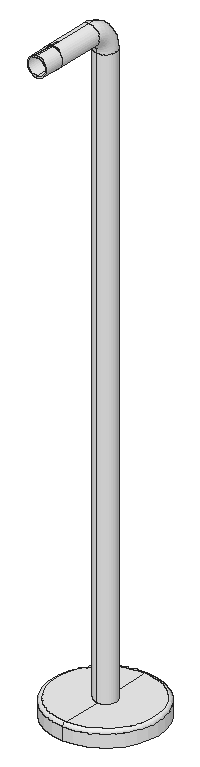
Revit family "Shower_Arm-GROHE-Rainshower-28540_Series", category Plumbing Fixtures, host Face, Revit 2019
Family settings
  Host = Face
  Round Connector Dimension = Use Diameter
  Part Type = Normal
  OmniClass Number = 23.45.05.14.17
  OmniClass Title = Showers
  Cut with Voids When Loaded = No
  Shared = Yes
  Room Calculation Point = No
Parameters (values of type "28540000")
  Width = 2 9/16"  # constant formula
  Waste Connection = no
  Warranty Documentation Link = "https://cdn.cloud.grohe.com/tpi/1000/1900/1940/1949/1949006/original/1949006.pdf"
  WFU = 4  # constant formula
  Vent Connection = no
  URL = "https://www.grohe.us/"
  Type Comments = ""
  Tempered Water Connection = yes
  Tempered Connection Radius = Tempered Connection Diameter / 2  # 1/4"
  Tempered Connection Diameter = 1/2"
  Revised Date = "04/26/2022"  # constant formula
  Product Page URL = "https://www.grohe.us/Hand-Showers-Accessories/15-Inch-Shower-Arm/GROHE-CHROME-28540000"
  Product Documentation Link = "https://americanstandard.box.com/shared/static/t31jb8l4sexq5vxy0fl8ysplmajqy8sa.pdf"
  Price = "Prices may vary. Please consult Manufacturer Representative for most up-to-date price list."  # constant formula
  Model = "28540000"
  Material = "Metal-Grohe-000-Chrome"
  Manufacturer = "Grohe"
  Length = 15 3/16"  # constant formula
  Installation Type = "Wall Mounted"
  IAPMO Compliance = "CSA B125.1, ASME A112.18.1"  # constant formula
  Height = 3 11/32"  # constant formula
  HWFU = 3  # constant formula
  HW Connection = no
  Flow Rate = "2.0 gpm (7.6 L/min)"  # constant formula
  Finish = Metal-Grohe-000-Chrome
  Description = "Rainshower®"  # constant formula
  Default Elevation = 78"  # constant formula
  Creation Date = "03/10/2017"  # constant formula
  CWFU = 3  # constant formula
  CW Connection = no
  Assembly Code = "D2090800"
Types (6): name | Product Page URL | Model | Material | Finish
  (no name) | "https://www.grohe.us/Hand-Showers-Accessories/15-Inch-Shower-Arm/GROHE-CHROME-28540000" | "28540000" | "Metal-Grohe-000-Chrome" | Metal-Grohe-000-Chrome
  28540000 | "https://www.grohe.us/Hand-Showers-Accessories/15-Inch-Shower-Arm/GROHE-CHROME-28540000" | "28540000" | "Metal-Grohe-000-Chrome" | Metal-Grohe-000-Chrome
  28540BE0 | "https://www.grohe.us/Hand-Showers-Accessories/15-Inch-Shower-Arm/GROHE-POLISHED-NICKEL-28540BE0" | "28540BE0" | "Metal-Grohe-BE0-Nickel" | Metal-Grohe-BE0-Nickel
  28540EN0 | "https://www.grohe.us/Hand-Showers-Accessories/15-Inch-Shower-Arm/GROHE-BRUSHED-NICKEL-28540EN0" | "28540EN0" | "Metal-Grohe-EN0-Brushed Nickel" | Metal-Grohe-EN0-Brushed Nickel
  28540GN0 | "https://www.grohe.us/Hand-Showers-Accessories/15-Inch-Shower-Arm/GROHE-BRUSHED-COOL-SUNRISE-28540GN0" | "28540GN0" | "Metal-Grohe-GN0-Brushed Cool Sunrise" | Metal-Grohe-GN0-Brushed Cool Sunrise
  28540A00 | "https://www.grohe.us/Hand-Showers-Accessories/15-Inch-Shower-Arm/GROHE-HARD-GRAPHITE-28540A00" | "28540A00" | "Metal-Grohe-A00-Hard Graphite" | Metal-Grohe-A00-Hard Graphite
Reference planes (in)
  plane 1 "Center (Front/Back)": y = 0
  plane 2: z = 0
  plane 3 "Center (Left/Right)": x = 0
  plane 4: x = -1.28125
  plane 5: x = 1.28125
  plane 6: y = 1.28125
  plane 7: y = -1.28125
  plane 8: z = 0.375
  plane 9: y = -2.0625
  plane 10: y = 0.25
  plane 11: y = -0.25
  plane 12: z = 14.9375
  plane 13: z = 30.4375
  plane 14: z = 30.4375
  plane 15: z = 0.5625
  plane 16: z = 15.1875
  plane 17: z = 14.6875
Forms (in)
  Revolve 1, solid, material "Metal-Grohe-000-Chrome" <- "Finish"
    sketch origin (0, 0, 0) x (0, 1, 0) y (0, 0, 1)
      loop
        line (0, 0.375) -> (0, 0) -> (1.28125, 0) -> (1.28125, 0.29654)
        arc (1.28125, 0.29654) -> (1.25827, 0.35202) -> (1.20279, 0.375) r 0.07846
        line (1.20279, 0.375) -> (0, 0.375)
      axis (0, 0.375) -> (0, 0)
    angle from 0 to 360
  Sweep 2, solid, material "Metal-Grohe-000-Chrome" <- "Finish"
    path origin (0, 0, 0) x (0, 1, 0) y (0, 0, 1)
      loop
        line (-1.59375, 14.9375) -> (-0.5, 14.9375)
        arc (-0.5, 14.9375) -> (-0.14645, 14.79105) -> (0, 14.4375) r 0.5
        line (0, 14.4375) -> (0, 0)
    profile origin (0, 0, 7.21875) x (0, -1, 0) y (1, 0, 0)
      loop
        circle (0, 0) r 0.25
      loop
        circle (0, 0) r 0.21875
  Revolve 3, solid, material "Metal-Grohe-000-Chrome" <- "Finish"
    sketch origin (0, 0, 0) x (0, 1, 0) y (0, 0, 1)
      loop
        line (-1.28125, 15.14007) -> (-1.28125, 15.17132) -> (-2.0625, 15.17132) -> (-2.0625, 15.14007) -> (-1.28125, 15.14007)
      axis (-1.28125, 14.9375) -> (-2.0625, 14.9375)
    angle from 0 to 360
Cuts and joins
  joined: Sweep 2, Revolve 3
Lines and regions (in)
  Masking region 1
    outline origin (0, 0, 0) x (1, 0, 0) y (0, 0, 1)
      loop
        line (0.25101, 0.375) -> (0.25101, 15.27871)
        arc (0.25101, 15.27871) -> (-0.00386, 15.47714) -> (-0.25101, 15.26918) r 0.25669
        line (-0.25101, 15.26918) -> (-0.25101, 0.375) -> (-1.14686, 0.375)
        arc (-1.14686, 0.375) -> (-1.19769, 0.35394) -> (-1.21875, 0.30311) r 0.07189
        line (-1.21875, 0.30311) -> (-1.21875, 0) -> (1.21875, 0) -> (1.21875, 0.30311)
        arc (1.21875, 0.30311) -> (1.19769, 0.35394) -> (1.14686, 0.375) r 0.07189
        line (1.14686, 0.375) -> (0.25101, 0.375)
  symbolic lines, detail levels medium+fine
    curve 1: line (0.25, 0, 0.375) -> (-0.25, 0, 0.375)
Dimensions and locks (in)
  plane 8 to level = 3/8"
  equal spacing: plane 6, plane 1 "Center (Front/Back)", plane 7
  plane 6 to plane 7 = 2 9/16"
  equal spacing: plane 10, plane 1 "Center (Front/Back)", plane 11
  plane 10 to plane 11 = 1/2"
  plane 1 "Center (Front/Back)" to plane 9 = 2 1/16"
  equal spacing: plane 17, plane 12, plane 16
  plane 17 to plane 16 = 1/2"
  plane 6 to plane 9 = 3 11/32"
  "Height": plane 9 to plane 6
  "Width": plane 4 to plane 5
  equal spacing: plane 4, plane 3 "Center (Left/Right)", plane 5
  "Length": host face to plane 16
  aligned and locked: plane 2 to host face
  aligned and locked: level to host face
  aligned and locked: Revolve 3 to plane 7
  aligned and locked: plane 12 to Sweep 2 sketch curve
  aligned and locked: plane 9 to cut or joined group of Sweep 2, Revolve 3
Automatic sketch dimensions
  host sketch curve to host sketch curve = 96"  (x2)
  Sweep 2 sketch curve to plane 3 "Center (Left/Right)" = 0"
  Sweep 2 sketch curve to profile plane = 0"
  curve 1 to plane 3 "Center (Left/Right)" = 1/4"
  plane 3 "Center (Left/Right)" to curve 1 = 1/4"
  plane 8 to curve 1 = 0"
  Revolve 1 sketch curve to plane 1 "Center (Front/Back)" = 0"  (x2)
  Revolve 1 sketch curve to level = 0"
  Revolve 1 sketch curve to plane 6 = 0"
  plane 6 to Revolve 1 sketch curve = 0.07846"
  Revolve 1 sketch curve to Revolve 1 sketch curve = 1/4"
  Revolve 1 sketch curve to Revolve 1 sketch curve = 0.36022"
  Revolve 1 sketch curve to plane 8 = 0"
  Masking region 1 sketch curve to level = 0"
  Masking region 1 sketch curve to plane 8 = 0"  (x2)
  plane 4 to Masking region 1 sketch curve = 1/16"
  Masking region 1 sketch curve to Masking region 1 sketch curve = 0.07189"
  Masking region 1 sketch curve to plane 3 "Center (Left/Right)" = 0.25101"
  plane 3 "Center (Left/Right)" to Masking region 1 sketch curve = 0.00101"
  plane 3 "Center (Left/Right)" to Masking region 1 sketch curve = 0.25101"
  plane 5 to Masking region 1 sketch curve = 0.13439"
  plane 5 to Masking region 1 sketch curve = 1/16"
  Revolve 3 sketch curve to plane 9 = 0"  (x2)
  Revolve 3 sketch curve to plane 7 = 0"
  plane 9 to Revolve 3 sketch curve = 0.19264"
  Revolve 3 sketch curve to Revolve 3 sketch curve = 0.20257"
  Revolve 3 sketch curve to Revolve 3 sketch curve = 1/32"
  Masking region 1 sketch curve to Masking region 1 sketch curve = 0.04868"
  Masking region 1 sketch curve to plane 12 = 0.283"
  Revolve 3 sketch curve to plane 12 = 0.20257"
  Sweep 2 sketch curve to plane 1 "Center (Front/Back)" = 0"
  Sweep 2 sketch curve to level = 0"
  plane 11 to Sweep 2 sketch curve = 1/4"
  Sweep 2 sketch curve to plane 7 = 5/16"
  radius of Sweep 2 sketch curve = 1/4"
Connectors (in)
  piping at (0, 0, 0), diameter 0.5, driven by "Tempered Connection Diameter"
    settings: on cut or joined group of Sweep 2, Revolve 3, index 1, connector inside diameter 24", connector length 0", flow factor 0, pipe flow 0 GPM, pressure drop 0.00 psi, fitting loss kfactor 0, connector angle 0.00°, fixture units 0, engagement length 0", angle of deflection 0.00°, flow configuration 0, flow direction 1, fitting loss method 0, system type 29, joint type 0, gender type 0, connector reference index -1, connector utility 0, adjustable connector no, is connector primary yes, connector description "1/2\" NPT Inlet"
